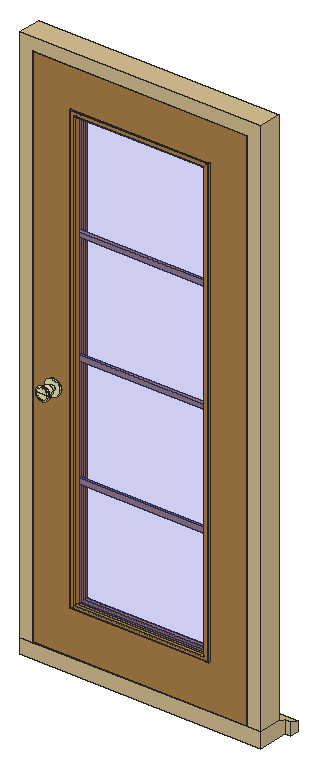
Revit family "DAL_A3-ExtSgl-(19)", category Doors, host Wall, Revit 2016
Family settings
  Host = Wall
  Always vertical = Yes
  Cut with Voids When Loaded = No
  Shared = No
  Room Calculation Point = No
Parameters (values of type "910 x 2110mm")
  Wrap Layers (Ext) from Ext = 102.5 mm
  Wrap Layers (Int) from Ext = 177.5 mm
  Vis - Ironmongery = yes
  Vis - Glazing Bars = yes
  Vis - Cavity Closers = yes
  Thickness = Door Panel Thickness  # 44.0 mm
  Stile Top Rail = 150.0 mm
  Stile Shutting = 150.0 mm
  Stile Hanging = 150.0 mm
  Stile Bottom Rail = 175.0 mm
  Rough Width = Width  # 910.0 mm
  Rough Height = Height  # 2110.0 mm
  Operation = "SingleSwingRight"
  O/A Frame Width = 64.0 mm
  Material Glazing Bars = Door - Glazing Bars
  Material Glass = Door - Glazing
  Keynote = "L20"
  Handle Z Distance = 950.0 mm
  Glazing Thickness = 24.0 mm
  Glazing Bar Thickness = 20.0 mm
  Function = Interior
  FrameWidth = 42.0 mm
  FrameOffset - External = 25.0 mm
  FrameDepth = 89.0 mm
  Door Panel Width = Width - (2 * Structural Tolerance) - (2 * Tolerance) - (2 * FrameWidth)  # 807.0 mm
  Door Panel Thickness = 44.0 mm
  Door Panel Height = Height - Structural Tolerance - Tolerance - FrameWidth - Undercut - Cill Thickness  # 2000.0 mm
  Cill Thickness = 54.5 mm
  Cill Projection = 30.0 mm
  Handle X Distance = 75.0 mm
  Height = 2110.0 mm
  Material Door = Door - Panel
  Material Frame = Door -  Frame/Mullion
  Material Ironmongery = Door - Handle
  Structural Tolerance = 6.5 mm
  Tolerance = 3.0 mm
  Undercut = 4.0 mm
  Wall Closure = By host
  Width = 910.0 mm
  Cill Extension = 25.0 mm
  Cavity Closer Width = 50.0 mm
  Cavity Closer Offset from Ext = 102.5 mm
  Cavity Closer Depth = 85.0 mm
Types (3, lengths in mm): name | Rough Width | Material Glazing Bars | Handle Z Distance | Door Panel Width | Width
  910 x 2110mm | 910.0 | Door - Glazing Bars | 950.0 | 807.0 | 910.0
  810 x 2110mm | 810.0 | none | 1050.0 | 707.0 | 810.0
  1010 x 2110mm | 1010.0 | none | 1050.0 | 907.0 | 1010.0
Reference planes
  plane 1: y = 0
  plane 2 "Center L/R": x = 0
  plane 3 "Left": x = -455
  plane 4 "Right": x = 455
  plane 5 "Head Opening": z = 2110
  plane 6 "Exterior": y = 150
  plane 7 "Interior": y = -150
  plane 8 "ST left": x = -448.5
  plane 9 "ST right": x = 448.5
  plane 10 "Int frame left": x = -406.5
  plane 11 "Int frame right": x = 406.5
  plane 12 "Left T": x = -403.5
  plane 13 "RHS Leaf Edge": x = 403.5
  plane 14: z = 2103.5
  plane 15: z = 2061.5
  plane 16: z = 2058.5
  plane 17: y = 83
  plane 18 "Ironmongery Axis X": x = -328.5
  plane 19 "Ironmongery Axis Z": z = 950
  plane 20 "LHS Leaf Edge": x = -403.5
  plane 21: z = 0
  plane 22: y = 80
  plane 23: y = 125
  plane 24: y = 36
  plane 25 "LHS Cill Extension": x = -480
  plane 26 "RHS Cill Extension": x = 480
  plane 27: y = 180
  plane 28: z = 58.5
  plane 29: z = 54.5
  plane 30 "Front Cavity Closer": y = 47.5
  plane 31: z = 233.5
  plane 32: x = -253.5
  plane 33: z = 1908.5
  plane 34: x = 253.5
  plane 35 "C/L Glass": y = 58
  plane 36: z = 652.25
  plane 37: z = 1071
  plane 38: z = 1489.75
  plane 39: y = 47.5
  plane 40: y = -27.5
Forms (mm)
  Sweep 1, solid, material "Door -  Frame/Mullion" <- "Material Frame"
    path origin (0, 125, 0) x (1, 0, 0) y (0, 0, 1)
      loop
        line (448.5, 54.5) -> (448.5, 2103.5) -> (-448.5, 2103.5) -> (-448.5, 54.5)
    profile origin (0, 0, 1079) x (-1, 0, 0) y (0, -1, 0)
      loop
        line (-455, -125) -> (-384.5, -125) -> (-384.5, -83) -> (-406.5, -83) -> (-406.5, -36) -> (-455, -36) -> (-455, -125)
  Extrusion 2, solid, material "Door - Panel" <- "Material Door"
    sketch origin (0, 36, 0) x (1, 0, 0) y (0, 0, 1)
      loop
        line (-404.425, 58.5) -> (403.5, 58.5) -> (403.5, 2058.5) -> (-404.425, 2058.5) -> (-404.425, 58.5)
      loop
        line (253.5, 233.5) -> (253.5, 1908.5) -> (-253.5, 1908.5) -> (-253.5, 233.5) -> (253.5, 233.5)
    from 0 to -44
  Extrusion 3, solid, material "Door -  Frame/Mullion" <- "Material Frame"
    sketch origin (0, 0, 0) x (0, 1, 0) y (0, 0, 1)
      loop
        line (36, 54.5) -> (36, 0) -> (180, 0) -> (180, 38.595) -> (125, 54.5) -> (36, 54.5)
    from -480 to 480
  Extrusion 4, void
    sketch origin (0, 0, 0) x (0, 1, 0) y (1, 0, 0)
      loop
        line (150, -490) -> (150, -455) -> (36, -455) -> (36, -490) -> (150, -490)
    from 0 to -54.5
  Extrusion 5, void
    sketch origin (0, 0, 0) x (0, 1, 0) y (1, 0, 0)
      loop
        line (150, 455) -> (150, 490) -> (36, 490) -> (36, 455) -> (150, 455)
    from 0 to -54.5
  Sweep 6, solid, material "Door - Panel" <- "Material Door", detail levels medium+fine
    path origin (403.5, 80, 58.5) x (0, 0, -1) y (-1, 0, 0)
      loop
        line (-175, 150) -> (-175, 657) -> (-1850, 657) -> (-1850, 150) -> (-175, 150)
    profile "UK_Glazing Bead : UK_Glazing Bead" origin (-253.5, 80, 1071) x (1, 0, 0) y (0, 1, 0)
      loop
        line (0, 0) -> (0, -10) -> (12, -10) -> (12, 1)
        arc (12, 1) -> (10.536, 4.536) -> (7, 6) r 5
        line (7, 6) -> (-6, 6)
        arc (-6, 6) -> (-7.414, 5.414) -> (-8, 4) r 2
        line (-8, 4) -> (-8, 0) -> (0, 0)
  Sweep 7, solid, material "Door - Panel" <- "Material Door", detail levels medium+fine
    path origin (403.5, 36, 58.5) x (0, 0, 1) y (-1, 0, 0)
      loop
        line (175, 657) -> (175, 150) -> (1850, 150) -> (1850, 657) -> (175, 657)
    profile "UK_Glazing Bead : UK_Glazing Bead" origin (-253.5, 36, 1071) x (1, 0, 0) y (0, -1, 0)
      loop
        line (0, 0) -> (0, -10) -> (12, -10) -> (12, 1)
        arc (12, 1) -> (10.536, 4.536) -> (7, 6) r 5
        line (7, 6) -> (-6, 6)
        arc (-6, 6) -> (-7.414, 5.414) -> (-8, 4) r 2
        line (-8, 4) -> (-8, 0) -> (0, 0)
  Extrusion 8, solid, material "Door - Glazing" <- "Material Glass"
    sketch origin (0, 80, 0) x (1, 0, 0) y (0, 0, 1)
      loop
        line (253.5, 233.5) -> (253.5, 1908.5) -> (-253.5, 1908.5) -> (-253.5, 233.5) -> (253.5, 233.5)
    from 34 to 10
  Extrusion 9, solid, material "Door - Glazing Bars" <- "Material Glazing Bars", visible <- "Vis - Glazing Bars"
    sketch origin (0, 80, 0) x (1, 0, 0) y (0, 0, 1)
      loop
        line (253.5, 1479.75) -> (253.5, 1499.75) -> (-253.5, 1499.75) -> (-253.5, 1479.75) -> (253.5, 1479.75)
      loop
        line (253.5, 1061) -> (253.5, 1081) -> (-253.5, 1081) -> (-253.5, 1061) -> (253.5, 1061)
      loop
        line (253.5, 642.25) -> (253.5, 662.25) -> (-253.5, 662.25) -> (-253.5, 642.25) -> (253.5, 642.25)
    from 26 to 18
Cuts and joins
  Extrusion 4, Extrusion 5 cuts Sweep 1
  Extrusion 4, Extrusion 5 cuts Extrusion 2
  Extrusion 4, Extrusion 5 cuts Extrusion 3
Lines and regions (mm)
  Opening 1
    outline origin (-5000, -150, 0) x (1, 0, 0) y (0, 0, 1)
      loop
        line (5455, 2110) -> (4545, 2110) -> (4545, 0) -> (5455, 0) -> (5455, 2110)
  symbolic lines, style "Structural Opening", detail levels medium+fine
    curve 1: line (-455, 0, 0) -> (-455, 0, 2110)
    curve 2: line (-455, 0, 2110) -> (455, 0, 2110)
    curve 3: line (455, 0, 2110) -> (455, 0, 0)
    curve 4: line (-455, 0, 0) -> (455, 0, 0)
  symbolic lines, style "DoorsPanelProjection", detail levels medium+fine
    curve 5: line (403.5, 36, 0) -> (359.5, 36, 0)
    curve 7: line (359.5, -771, 0) -> (403.5, -771, 0)
    curve 8: line (359.5, 36, 0) -> (359.5, -771, 0)
  symbolic lines, style "DoorsPanelProjection"
    curve 6: line (403.5, -771, 0) -> (403.5, 36, 0)
  symbolic lines, style "Plan Swing"
    curve 9: arc (403.5, -771, 0) -> (-167.135, -534.635, 0) -> (-403.5, 36, 0) r 807
  symbolic lines, style "Threshold", detail levels medium+fine
    curve 10: line (-480, 150, 0) -> (-480, 180, 0)
    curve 11: line (-480, 180, 0) -> (480, 180, 0)
    curve 12: line (480, 180, 0) -> (480, 150, 0)
    curve 13: line (403.5, 36, 0) -> (-403.5, 36, 0)
  symbolic lines, style "Cavity Closer", visible <- "Vis - Cavity Closers", detail levels medium+fine
    curve 14: line (-505, -37.5, 0) -> (-455, -37.5, 0)
    curve 15: line (-505, 47.5, 0) -> (-505, -37.5, 0)
    curve 16: line (-455, 47.5, 0) -> (-505, 47.5, 0)
    curve 17: line (-455, -37.5, 0) -> (-455, 47.5, 0)
    curve 18: line (455, -37.5, 0) -> (505, -37.5, 0)
    curve 19: line (455, 47.5, 0) -> (455, -37.5, 0)
    curve 20: line (505, 47.5, 0) -> (455, 47.5, 0)
    curve 21: line (505, -37.5, 0) -> (505, 47.5, 0)
    curve 22: line (-505, -37.5, 0) -> (-455, 47.5, 0)
    curve 23: line (-505, 47.5, 0) -> (-455, -37.5, 0)
    curve 24: line (455, -37.5, 0) -> (505, 47.5, 0)
    curve 25: line (455, 47.5, 0) -> (505, -37.5, 0)
  symbolic lines, style "DoorsFrameMullionProjection", detail levels coarse
    curve 26: line (253.5, 0, 233.5) -> (-253.5, 0, 233.5)
    curve 27: line (253.5, 0, 1908.5) -> (253.5, 0, 233.5)
    curve 28: line (-253.5, 0, 1908.5) -> (253.5, 0, 1908.5)
    curve 29: line (-253.5, 0, 233.5) -> (-253.5, 0, 1908.5)
    curve 30: line (455, 0, 58.5) -> (-455, 0, 58.5)
    curve 33: line (0, 125, 2110) -> (0, 125, 54.5)
    curve 34: line (0, 36, 54.5) -> (0, 36, 2110)
    curve 35: line (0, 125, 2039.5) -> (0, 83, 2039.5)
    curve 36: line (0, 83, 54.5) -> (0, 83, 2061.5)
    curve 37: line (0, 83, 2061.5) -> (0, 36, 2061.5)
  symbolic lines, style "Elevation Swing"
    curve 31: line (-384.5, 0, 2039.5) -> (403.5, 0, 1055)
    curve 32: line (-384.5, 0, 58.5) -> (403.5, 0, 1055)
  symbolic lines, style "DoorsPanelProjection", detail levels coarse
    curve 38: line (0, 80, 2058.5) -> (0, 80, 58.5)
    curve 39: line (0, 36, 2058.5) -> (0, 80, 2058.5)
    curve 40: line (0, 80, 58.5) -> (0, 36, 58.5)
  symbolic lines, style "Threshold", detail levels coarse
    curve 41: line (0, 180, 38.595) -> (0, 180, 0)
    curve 42: line (0, 125, 54.5) -> (0, 180, 38.595)
    curve 43: line (0, 36, 0) -> (0, 36, 54.5)
    curve 44: line (0, 36, 54.5) -> (0, 125, 54.5)
  symbolic lines, style "Glazing Bars", visible <- "Vis - Glazing Bars", detail levels coarse
    curve 45: line (241.5, 0, 1489.75) -> (-241.5, 0, 1489.75)
    curve 46: line (241.5, 0, 1071) -> (-241.5, 0, 1071)
    curve 47: line (241.5, 0, 652.25) -> (-241.5, 0, 652.25)
  symbolic lines, style "Glazing Bars", visible <- "Vis - Glazing Bars", detail levels medium+fine
    curve 48: line (-241.5, 0, 1499.75) -> (241.5, 0, 1499.75)
    curve 49: line (241.5, 0, 1479.75) -> (-241.5, 0, 1479.75)
    curve 50: line (-241.5, 0, 1081) -> (241.5, 0, 1081)
    curve 51: line (241.5, 0, 1061) -> (-241.5, 0, 1061)
    curve 52: line (-241.5, 0, 662.25) -> (241.5, 0, 662.25)
    curve 53: line (241.5, 0, 642.25) -> (-241.5, 0, 642.25)
Text (mm)
  text "Exterior" at (-1796.445, 976.134, 0), in view "Ref. Level"
  text "Exterior" at (0, 1615.38, 2893.938), in view "Left"
  text "Exterior" at (0, 1036.032, 3874.932), in view "Right"
Dimensions and locks
  equal spacing: plane 3 "Left", plane 2 "Center L/R", plane 4 "Right"
  "Width": plane 3 "Left" to plane 4 "Right"
  "Height": level to plane 5 "Head Opening"
  locked: plane 6 "Exterior" to host wall at 0
  locked: plane 7 "Interior" to host wall
  "Structural Tolerance": plane 3 "Left" to plane 8 "ST left"
  "Structural Tolerance": plane 9 "ST right" to plane 4 "Right"
  "Tolerance": plane 13 "RHS Leaf Edge" to plane 11 "Int frame right"
  "Structural Tolerance": plane 5 "Head Opening" to plane 14
  "Tolerance": plane 15 to plane 16
  "Door Panel Thickness": plane 24 to plane 22
  "Handle X Distance": plane 12 "Left T" to plane 18 "Ironmongery Axis X"
  "Tolerance": plane 10 "Int frame left" to plane 20 "LHS Leaf Edge"
  "Door Panel Width": plane 12 "Left T" to plane 13 "RHS Leaf Edge"
  "Tolerance": plane 22 to plane 17
  "FrameDepth": plane 24 to plane 23
  "FrameWidth": plane 8 "ST left" to plane 10 "Int frame left"
  "FrameWidth": plane 11 "Int frame right" to plane 9 "ST right"
  "Door Panel Thickness": curve 8 to plane 13 "RHS Leaf Edge"
  "O/A Frame Width": Sweep 1 sketch curve to plane 9 "ST right"
  "Door Panel Width": curve 7 to plane 24
  "FrameOffset - External": plane 23 to plane 6 "Exterior"
  "Cill Extension": plane 25 "LHS Cill Extension" to plane 3 "Left"
  "Cill Projection": plane 6 "Exterior" to plane 27
  "Cill Extension": plane 4 "Right" to plane 26 "RHS Cill Extension"
  "Undercut": plane 29 to plane 28
  "FrameWidth": plane 14 to plane 15
  "Cill Thickness": plane 29 to plane 21
  locked: Extrusion 4 sketch curve to plane 25 "LHS Cill Extension" at 10
  locked: plane 26 "RHS Cill Extension" to Extrusion 5 sketch curve at 10
  "Handle Z Distance": level to plane 19 "Ironmongery Axis Z"
  "Cavity Closer Offset from Ext": plane 30 "Front Cavity Closer" to plane 6 "Exterior"
  "Cavity Closer Depth": curve 14 to plane 30 "Front Cavity Closer"
  "Cavity Closer Depth": curve 18 to plane 30 "Front Cavity Closer"
  "Cavity Closer Width": curve 15 to plane 3 "Left"
  "Cavity Closer Width": plane 4 "Right" to curve 21
  "Cavity Closer Offset from Ext": nested 4 to plane 6 "Exterior"
  "Stile Hanging": plane 34 to plane 13 "RHS Leaf Edge"
  "Stile Shutting": plane 20 "LHS Leaf Edge" to plane 32
  "Stile Bottom Rail": plane 28 to plane 31
  "Stile Top Rail": plane 33 to plane 16
  equal spacing: level, curve 32, plane 5 "Head Opening"
  equal spacing: Extrusion 8, plane 35 "C/L Glass", Extrusion 8
  "Glazing Thickness": Extrusion 8 to Extrusion 8
  equal spacing: plane 24, plane 35 "C/L Glass", plane 22
  equal spacing: plane 31, plane 36, plane 37, plane 38, plane 33
  equal spacing: Extrusion 9 sketch curve, plane 38, Extrusion 9 sketch curve
  "Glazing Bar Thickness": Extrusion 9 sketch curve to Extrusion 9 sketch curve  (x3)
  equal spacing: Extrusion 9 sketch curve, plane 37, Extrusion 9 sketch curve
  equal spacing: Extrusion 9 sketch curve, plane 36, Extrusion 9 sketch curve
  equal spacing: Sweep 7, Extrusion 9, Extrusion 9, Sweep 6
  "Wrap Layers (Ext) from Ext": plane 39 to plane 6 "Exterior"
  "Wrap Layers (Int) from Ext": plane 40 to plane 6 "Exterior"
  aligned and locked: plane 1 to host wall
  aligned and locked: plane 9 "ST right" to Sweep 1 sketch curve
  aligned and locked: plane 14 to Sweep 1 sketch curve
  aligned and locked: profile plane to plane 9 "ST right"
  aligned and locked: Sweep 1 sketch curve to plane 4 "Right"
  aligned and locked: Sweep 1 sketch curve to plane 17
  aligned and locked: plane 11 "Int frame right" to Sweep 1 sketch curve
  aligned and locked: plane 24 to Sweep 1 sketch curve
  aligned and locked: Sweep 1 sketch curve to plane 23
  aligned and locked: plane 16 to Extrusion 2 sketch curve
  aligned and locked: Extrusion 2 to plane 22
  aligned and locked: curve 5 to plane 24
  aligned and locked: Extrusion 3 to plane 26 "RHS Cill Extension"
  aligned and locked: Extrusion 3 to plane 25 "LHS Cill Extension"
  aligned and locked: plane 29 to Extrusion 3
  aligned and locked: Sweep 1 to Extrusion 3 sketch curve
  aligned and locked: plane 29 to Sweep 1 sketch curve  (x2)
  aligned and locked: plane 28 to Extrusion 2
  aligned and locked: plane 29 to Extrusion 4
  aligned and locked: plane 24 to Extrusion 5 sketch curve
  aligned and locked: plane 29 to Extrusion 5
  aligned and locked: plane 25 "LHS Cill Extension" to curve 10
  aligned and locked: plane 27 to curve 11
  aligned and locked: curve 12 to plane 26 "RHS Cill Extension"
  aligned and locked: nested 1 to plane 18 "Ironmongery Axis X"
  aligned and locked: plane 19 "Ironmongery Axis Z" to nested 1
  aligned and locked: nested 1 to cut or joined group of Extrusion 2, Extrusion 4, Extrusion 5
  aligned and locked: plane 18 "Ironmongery Axis X" to nested 2
  aligned and locked: cut or joined group of Extrusion 2, Extrusion 4, Extrusion 5 to nested 2
  aligned and locked: nested 2 to plane 19 "Ironmongery Axis Z"
  aligned and locked: plane 3 "Left" to nested 3
  aligned and locked: plane 30 "Front Cavity Closer" to nested 3
  aligned and locked: nested 4 to plane 4 "Right"
  aligned and locked: plane 30 "Front Cavity Closer" to nested 4
  aligned and locked: plane 28 to curve 30
  aligned and locked: curve 33 to cut or joined group of Sweep 1, Extrusion 4, Extrusion 5
  aligned and locked: curve 34 to cut or joined group of Sweep 1, Extrusion 4, Extrusion 5
  aligned and locked: curve 35 to cut or joined group of Sweep 1, Extrusion 4, Extrusion 5
  aligned and locked: curve 36 to cut or joined group of Sweep 1, Extrusion 4, Extrusion 5
  aligned and locked: curve 37 to cut or joined group of Sweep 1, Extrusion 4, Extrusion 5
  aligned and locked: curve 38 to cut or joined group of Extrusion 2, Extrusion 4, Extrusion 5
  aligned and locked: curve 39 to cut or joined group of Extrusion 2, Extrusion 4, Extrusion 5
  aligned and locked: curve 40 to cut or joined group of Extrusion 2, Extrusion 4, Extrusion 5
  aligned and locked: curve 41 to cut or joined group of Extrusion 3, Extrusion 4, Extrusion 5
  aligned and locked: curve 42 to cut or joined group of Extrusion 3, Extrusion 4, Extrusion 5
  aligned and locked: curve 43 to cut or joined group of Extrusion 3, Extrusion 4, Extrusion 5
  aligned and locked: curve 44 to cut or joined group of Extrusion 3, Extrusion 4, Extrusion 5
  aligned and locked: plane 31 to Extrusion 2 sketch curve
  aligned and locked: plane 34 to Extrusion 2 sketch curve
  aligned and locked: plane 32 to Extrusion 2 sketch curve
  aligned and locked: plane 33 to Extrusion 2 sketch curve
  aligned and locked: plane 31 to Extrusion 8 sketch curve
  aligned and locked: plane 34 to Extrusion 8 sketch curve
  aligned and locked: plane 32 to Extrusion 8 sketch curve
  aligned and locked: plane 33 to Extrusion 8 sketch curve
  aligned and locked: Sweep 7 sketch curve to plane 31
  aligned and locked: plane 31 to Sweep 6 sketch curve
  aligned and locked: plane 31 to curve 26
  aligned and locked: plane 38 to curve 45
  aligned and locked: curve 46 to plane 37
  aligned and locked: plane 36 to curve 47
  aligned and locked: Extrusion 9 to curve 48
  aligned and locked: Extrusion 9 to curve 49
  aligned and locked: Extrusion 9 to curve 50
  aligned and locked: Extrusion 9 to curve 51
  aligned and locked: Extrusion 9 to curve 52
  aligned and locked: Extrusion 9 to curve 53
Automatic sketch dimensions
  Extrusion 3 sketch curve to plane 24 = 0.0 mm
  Extrusion 3 sketch curve to plane 27 = 0.0 mm
  Extrusion 3 sketch curve to level = 0.0 mm
  Extrusion 3 sketch curve to plane 29 = 0.0 mm
  Extrusion 3 sketch curve to plane 29 = 15.905 mm
  Sweep 1 sketch curve to plane 8 "ST left" = 0.0 mm
  Extrusion 4 sketch curve to plane 24 = 0.0 mm
  Extrusion 4 sketch curve to host wall = 0.0 mm
  Extrusion 4 sketch curve to plane 3 "Left" = 0.0 mm
  Extrusion 5 sketch curve to host wall = 0.0 mm
  curve 15 to plane 30 "Front Cavity Closer" = 0.0 mm
  curve 22 to plane 3 "Left" = 0.0 mm
  curve 9 to plane 12 "Left T" = 0.0 mm
  curve 25 to plane 4 "Right" = 0.0 mm
  curve 25 to plane 30 "Front Cavity Closer" = 0.0 mm
  curve 12 to host wall = 0.0 mm
  curve 10 to host wall = 0.0 mm
  Extrusion 5 sketch curve to plane 4 "Right" = 0.0 mm
  Sweep 6 sketch curve to plane 33 = 0.0 mm
  Sweep 6 sketch curve to plane 34 = 0.0 mm
  Sweep 6 sketch curve to plane 32 = 0.0 mm
  Sweep 7 sketch curve to plane 34 = 0.0 mm
  Sweep 7 sketch curve to plane 32 = 0.0 mm
  Sweep 7 sketch curve to plane 33 = 0.0 mm
  curve 33 to plane 5 "Head Opening" = 0.0 mm
  curve 34 to plane 5 "Head Opening" = 0.0 mm
  curve 41 to level = 0.0 mm
  curve 43 to level = 0.0 mm
  Extrusion 2 sketch curve to plane 28 = 0.0 mm
  Extrusion 2 sketch curve to plane 13 "RHS Leaf Edge" = 0.0 mm
  plane 12 "Left T" to Extrusion 2 sketch curve = 0.925 mm
  Extrusion 9 sketch curve to plane 32 = 0.0 mm  (x3)
  Extrusion 9 sketch curve to plane 34 = 0.0 mm  (x3)
  curve 1 to plane 3 "Left" = 0.0 mm
  curve 1 to plane 5 "Head Opening" = 0.0 mm
  curve 28 to plane 33 = 0.0 mm
  curve 4 to level = 0.0 mm
  curve 30 to plane 3 "Left" = 0.0 mm
  curve 31 to plane 13 "RHS Leaf Edge" = 0.0 mm
  curve 3 to plane 4 "Right" = 0.0 mm
  curve 30 to plane 4 "Right" = 0.0 mm
  plane 16 to curve 31 = 19.0 mm
  curve 31 to plane 12 "Left T" = 19.0 mm
  curve 32 to plane 12 "Left T" = 19.0 mm
  curve 47 to plane 32 = 12.0 mm
  curve 45 to plane 32 = 12.0 mm
  curve 46 to plane 32 = 12.0 mm
  curve 47 to plane 34 = 12.0 mm
  curve 46 to plane 34 = 12.0 mm
  curve 45 to plane 34 = 12.0 mm
  curve 53 to plane 32 = 12.0 mm
  curve 53 to plane 34 = 12.0 mm
  curve 48 to curve 45 = 0.0 mm  (x2)
  curve 49 to curve 45 = 0.0 mm  (x2)
  curve 50 to curve 46 = 0.0 mm  (x2)
  curve 51 to curve 46 = 0.0 mm  (x2)
  curve 52 to curve 47 = 0.0 mm  (x2)
  curve 27 to plane 34 = 0.0 mm
  curve 28 to plane 32 = 0.0 mm
  Opening 1 sketch curve to plane 3 "Left" = 0.0 mm
  Opening 1 sketch curve to level = 0.0 mm
  Opening 1 sketch curve to plane 4 "Right" = 0.0 mm
  Opening 1 sketch curve to plane 5 "Head Opening" = 0.0 mm
Nested families
  nested 1: "Handle Domestic (2)" at (-403.5, 80, 0), visible <- "Vis - Ironmongery", type "Handle Domestic (2)", detail levels medium+fine
    with Handle Z Distance 950.0 mm, Handle X Distance 75.0 mm
  nested 2: "Handle Domestic (2)" at (-403.5, 36, 0), visible <- "Vis - Ironmongery", type "Handle Domestic (2)", detail levels medium+fine
    with Handle Z Distance 950.0 mm, Handle X Distance 75.0 mm
  nested 3: "UK_Cavity Closer" at (-505, 47.5, 0), visible <- "Vis - Cavity Closers", type "UK_Cavity Closer", detail levels medium+fine
    with Closer Depth 85.0 mm
  nested 4: "UK_Cavity Closer" at (455, 47.5, 0), visible <- "Vis - Cavity Closers", type "UK_Cavity Closer", detail levels medium+fine
    with Closer Depth 85.0 mm
Definition of nested family "Handle Domestic (2)"
  Parameters
    Manufacturer = "Revit"
    Material Ironmongery = none
    Handle Z Distance = 0.0 mm
    Handle X Distance = 65.0 mm
  Reference planes
    plane 1 "Center (Front/Back)": y = 0
    plane 2: z = 0
    plane 3 "Center (Left/Right)": x = 0
    plane 4: z = 0
    plane 5: x = 65
  Forms (mm)
    Extrusion 1, solid, material <- "Material Ironmongery"
      sketch origin (0, 0, 0) x (1, 0, 0) y (0, 0, 1)
        loop
          circle (65, 0) r 30
      from 0 to -6
    Revolve 2, solid, material <- "Material Ironmongery"
      sketch origin (0, 0, 0) x (0, -1, 0) y (1, 0, 0)
        loop
          line (-25, 55) -> (-6, 55) -> (-6, 65) -> (-55, 65) -> (-55, 44.524) -> (-53.172, 40) -> (-49.708, 40) -> (-25, 46.364) -> (-25, 55)
        axis (-6, 65) -> (-55, 65)
      angle from 0 to 360
  Dimensions and locks
    "Handle Z Distance": plane 4 to level
    "Handle X Distance": plane 5 to plane 3 "Center (Left/Right)"
  Automatic sketch dimensions
    Extrusion 1 sketch curve to plane 4 = 0.0 mm
    Extrusion 1 sketch curve to plane 5 = 0.0 mm
    Revolve 2 sketch curve to plane 5 = 0.0 mm  (x2)
    Revolve 2 sketch curve to plane 1 "Center (Front/Back)" = 66.0 mm
    Revolve 2 sketch curve to Revolve 2 sketch curve = 11.0 mm
    Revolve 2 sketch curve to Revolve 2 sketch curve = 1.828 mm
    Revolve 2 sketch curve to Revolve 2 sketch curve = 3.464 mm
    Revolve 2 sketch curve to plane 1 "Center (Front/Back)" = 25.0 mm
    Revolve 2 sketch curve to plane 1 "Center (Front/Back)" = 6.0 mm
    Revolve 2 sketch curve to Revolve 2 sketch curve = 0.0 mm
    Revolve 2 sketch curve to Revolve 2 sketch curve = 10.0 mm
    Revolve 2 sketch curve to Revolve 2 sketch curve = 8.636 mm
    Revolve 2 sketch curve to Revolve 2 sketch curve = 20.476 mm
    Revolve 2 sketch curve to Revolve 2 sketch curve = 4.524 mm
    radius of Extrusion 1 sketch curve = 30.0 mm
Definition of nested family "UK_Cavity Closer"
  Parameters
    Closer Width = 50.0 mm
    Closer Depth = 75.0 mm
  Reference planes
    plane 1 "Center (Front/Back)": y = 0
    plane 2: z = 0
    plane 3 "Center (Left/Right)": x = 0
    plane 4: x = 50, in view "Ref. Level"
    plane 5: y = -75, in view "Ref. Level"
  Lines and regions (mm)
    Masking region 1, in view "Ref. Level"
      outline origin (0, 0, 0) x (1, 0, 0) y (0, 1, 0)
        loop
          line (0, 0) -> (0, -75) -> (50, -75) -> (50, 0) -> (0, 0)
  Dimensions and locks
    "Closer Width": plane 3 "Center (Left/Right)" to plane 4
    "Closer Depth": plane 5 to plane 1 "Center (Front/Back)"
  Automatic sketch dimensions
    Masking region 1 sketch curve to plane 3 "Center (Left/Right)" = 0.0 mm
    Masking region 1 sketch curve to plane 4 = 0.0 mm
    Masking region 1 sketch curve to plane 5 = 0.0 mm
    Masking region 1 sketch curve to plane 1 "Center (Front/Back)" = 0.0 mm
